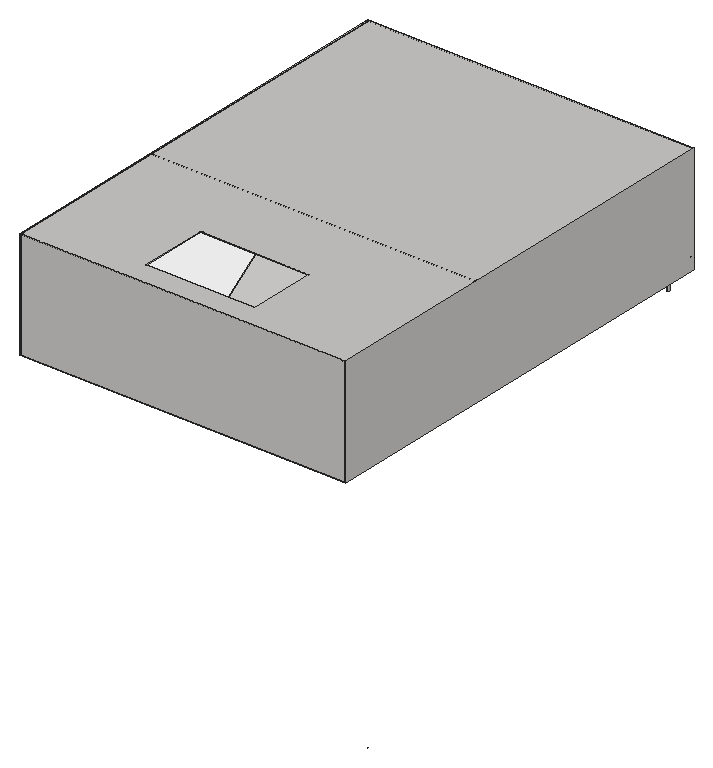
Revit family "QF_ELECTROLUXPROFESSIONAL_641233_EPF1612", category Attrezzature speciali, Revit 2021
Family settings
  Quota connettore circolare = Usa diametro
  Tipo di parte = Normale
  Basato su piano di lavoro = No
  Sempre verticale = Sì
  Taglio con vuoti quando caricato = No
  Condiviso = No
  Punto di calcolo locali = No
Parameters (values of type "Standard")
  Weight = 34.00 kg
  Watts = 0 W
  Volts = 0 V
  URL Manufacturer = "https://www.electroluxprofessional.com/"
  URL = "https://www.electroluxprofessional.com/"
  Steam Supply Size = 0 mm
  Steam Supply Minimum Pressure = 0.0 Pa
  Steam Supply Maximum Pressure = 0.0 Pa
  Steam Consumption per Hour = 0
  Refrigeration Suction Line Size = 0 mm
  Refrigeration Liquid Line Size = 0 mm
  Refrigerant Compressor Remote = yes
  Prospetto di default = 0 mm
  Produttore = "Electrolux Professional"
  Phase = 0
  Modello = "EPF1612"
  Length Actual = 1200 mm  # constant formula
  Item Number = "641233"
  Hot Water Size = 0 mm
  Height Actual = 400 mm  # constant formula
  HP = "0 HP"
  Gas Size = 0 mm
  Gas KW = 0
  Gas Input Pressure = 0 W
  Direct Waste Size = 0 mm
  Descrizione = "304 S/S WALL HOOD+FILTERS 120X160 CM"
  Depth Actual = 1600 mm  # constant formula
  Cycle = 0 Hz
  Condensate Return Size = 0 mm
  Compressed Air Volume = 0.0 L/s
  Compressed Air Size = 0 mm
  Compressed Air Pressure = 0.0 Pa
  Cold Water Size = 0 mm
  Accessory = yes
Reference planes
  plane 1: z = 0
  plane 2 "Center (Left/Right)": x = 150
  plane 3 "LEFT": x = -450
  plane 4 "RIGHT": x = 750
  plane 5 "BACK": y = 550
  plane 6 "TOP": z = 2400
  plane 7 "Base": z = 2000
  plane 8: z = 1970
  plane 9 "DrainY": y = 450
  plane 10: x = -447
  plane 11: y = -720
  plane 12: y = -970
  plane 13 "DrainX": x = 737
  plane 14 "AOLeft": x = -50
  plane 15 "AORight": x = 350
  plane 16: x = 747
  plane 17: x = -250
  plane 18: x = 550
  plane 19: through (0, -449.6, 2399.19) normal (0, -0.5736, 0.8192)
  plane 20: x = 50
  plane 21: x = 250
  plane 22 "Center (Front/Back)": y = -250
  plane 23 "Front": y = -1050
Forms (mm)
  Extrusion 1, solid, material "QF_Finishes_Stainless Steel"
    sketch origin (-450, 0, 360) x (0, 1, 0) y (0, 0, 1)
      loop
        line (550, 1640) -> (550, 2040) -> (-1050, 2040) -> (-1050, 1640) -> (550, 1640)
    from 0 to 3
  Extrusion 2, solid, material "QF_Finishes_Stainless Steel"
    sketch origin (750, 0, 360) x (0, 1, 0) y (0, 0, 1)
      loop
        line (550, 1640) -> (550, 2040) -> (-1050, 2040) -> (-1050, 1640) -> (550, 1640)
    from 0 to -3
  Extrusion 3, solid, material "QF_Finishes_Stainless Steel"
    sketch origin (150, 0, 360) x (0, 1, 0) y (0, 0, 1)
      loop
        line (-1050, 2040) -> (-1050, 1640) -> (-1040, 1640) -> (-1040, 1640.8) -> (-1049.2, 1640.8) -> (-1049.2, 2039.19) -> (549.2, 2039.19) -> (549.2, 1640.8) -> (540, 1640.8) -> (540, 1640) -> (550, 1640) -> (550, 2040) -> (-1050, 2040)
    from -600 to 600
  Extrusion 4, solid, material "QF_Finishes_Stainless Steel"
    sketch origin (0, 0, 2000) x (0, 1, 0) y (-1, 0, 0)
      loop
        circle (450, -737) r 4.763
    from -30 to 0
  Extrusion 5, void
    sketch origin (0, 0, 2400) x (0, 1, 0) y (-1, 0, 0)
      loop
        line (-720, -350) -> (-720, 50) -> (-970, 50) -> (-970, -350) -> (-720, -350)
    from 0 to -10
  Extrusion 6, solid, material "QF_Finishes_Stainless Steel"
    sketch origin (0, 0, 0) x (1, 0, 0) y (0, 1, 0)
      loop
        line (-450, 550) -> (-450, 549) -> (-449, 549) -> (-449, 550) -> (-450, 550)
    from 0 to 1
  Extrusion 7, solid, material "QF_Finishes_Stainless Steel"
    sketch origin (150, 0, 360) x (0, 1, 0) y (0, 0, 1)
      loop
        line (-531.515, 1981.832) -> (-534.381, 1985.926) -> (-973.276, 1678.608) -> (-970.553, 1674.415) -> (-531.515, 1981.832)
    from -400 to -597
  Extrusion 8, solid, material "QF_Finishes_Stainless Steel"
    sketch origin (150, 0, 360) x (0, 1, 0) y (0, 0, 1)
      loop
        line (-1050, 2039.19) -> (-1050, 1640) -> (-1019.702, 1640) -> (-970.553, 1674.415) -> (-978.723, 1686.995) -> (-979.394, 1686.559) -> (-971.645, 1674.627) -> (-1019.955, 1640.8) -> (-1049.2, 1640.8) -> (-1049.2, 2039.19) -> (-1050, 2039.19)
      loop
        line (-449.6, 2039.19) -> (-450.995, 2039.19) -> (-531.319, 1982.947) -> (-539.464, 1994.578) -> (-540.119, 1994.12) -> (-531.515, 1981.832) -> (-449.6, 2039.19)
    from -597 to 597
  Extrusion 9, solid, material "QF_Finishes_Stainless Steel"
    sketch origin (150, 0, 360) x (0, 1, 0) y (0, 0, 1)
      loop
        line (-531.515, 1981.832) -> (-534.381, 1985.926) -> (-973.276, 1678.608) -> (-970.553, 1674.415) -> (-531.515, 1981.832)
    from 597 to 400
  Extrusion 10, solid, material "QF_Finishes_Stainless Steel"
    sketch origin (150, 0, 360) x (0, 1, 0) y (0, 0, 1)
      loop
        line (-531.515, 1981.832) -> (-534.381, 1985.926) -> (-973.276, 1678.608) -> (-970.553, 1674.415) -> (-531.515, 1981.832)
    from -100 to 100
  Extrusion 11, solid, material "QF_Finished_Chrome"
    sketch origin (150, 0, 360) x (0, 1, 0) y (0, 0, 1)
      loop
        line (-531.515, 1981.832) -> (-534.381, 1985.926) -> (-973.276, 1678.608) -> (-970.553, 1674.415) -> (-531.515, 1981.832)
    from -400 to -100
  Extrusion 12, solid, material "QF_Finished_Chrome"
    sketch origin (150, 0, 360) x (0, 1, 0) y (0, 0, 1)
      loop
        line (-531.515, 1981.832) -> (-534.381, 1985.926) -> (-973.276, 1678.608) -> (-970.553, 1674.415) -> (-531.515, 1981.832)
    from 100 to 400
  Sweep 13, solid, material "QF_Finishes_Stainless Steel"
    path origin (0, 0, 0) x (1, 0, 0) y (0, 1, 0)
      loop
        line (750, 550) -> (-450, 550) -> (-450, -1050) -> (750, -1050) -> (750, 550)
    profile origin (750, -250, 0) x (1, 0, 0) y (0, 0, 1)
      loop
        line (-3, 2000) -> (-3, 2000.8) -> (-19, 2000.8) -> (-19, 2010) -> (-20, 2010) -> (-20, 2000) -> (-3, 2000)
  Extrusion 14, solid, material "QF_Finishes_Stainless Steel"
    sketch origin (150, 0, 0) x (0, 1, 0) y (0, 0, 1)
      loop
        line (108.687, 2305.487) -> (549.2, 2040.8) -> (549.2, 2041.733) -> (109.285, 2306.061) -> (-443.438, 2399.19) -> (-445.739, 2399.19) -> (108.687, 2305.487)
    from -597 to 597
Cuts and joins
  Extrusion 5 cuts Extrusion 3
  joined: Extrusion 2, Extrusion 3, Sweep 13
Lines and regions (mm)
  symbolic lines, style "SpecialityEquipment", detail levels coarse
    curve 1: line (750, 550, 2400) -> (-450, 550, 2400)
    curve 2: line (-450, 550, 2400) -> (-450, -1050.8, 2400)
    curve 3: line (750, -1050.8, 2400) -> (750, 550, 2400)
    curve 4: line (350, -970, 2400) -> (-50, -970, 2400)
    curve 5: line (350, -720, 2400) -> (350, -970, 2400)
    curve 6: line (-50, -720, 2400) -> (350, -720, 2400)
    curve 7: line (-50, -970, 2400) -> (-50, -720, 2400)
    curve 8: line (-450, 550, 0) -> (750, -1050, 0)
    curve 9: line (750, 550, 0) -> (-450, -1050, 0)
  symbolic lines, detail levels coarse
    curve 10: line (-450, -1050, 0) -> (750, -1050, 0)
    curve 11: line (-50, -720, 0) -> (-50, -970, 0)
    curve 12: line (350, -720, 0) -> (-50, -720, 0)
    curve 13: line (350, -970, 0) -> (350, -720, 0)
    curve 14: line (-50, -970, 0) -> (350, -970, 0)
Dimensions and locks
  plane 3 "LEFT" to plane 4 "RIGHT" = 1200 mm
  equal spacing: plane 3 "LEFT", plane 2 "Center (Left/Right)", plane 4 "RIGHT"
  plane 7 "Base" to plane 8 = 30 mm
  plane 5 "BACK" to plane 9 "DrainY" = 100 mm  (x2)
  plane 3 "LEFT" to plane 10 = 3 mm
  plane 13 "DrainX" to plane 4 "RIGHT" = 13 mm
  plane 16 to plane 4 "RIGHT" = 3 mm
  plane 3 "LEFT" to plane 17 = 200 mm
  plane 18 to plane 4 "RIGHT" = 200 mm
  locked: plane 14 "AOLeft" to plane 15 "AORight" at 400
  equal spacing: plane 14 "AOLeft", plane 2 "Center (Left/Right)", plane 15 "AORight"
  locked: plane 7 "Base" to level at 2000
  locked: plane 6 "TOP" to plane 7 "Base" at 400
  locked: plane 20 to plane 21 at 200
  equal spacing: plane 20, plane 2 "Center (Left/Right)", plane 21
  locked: plane 11 to plane 12 at 250
  plane 5 "BACK" to plane 23 "Front" = 1600 mm  (x2)
  equal spacing: plane 5 "BACK", plane 22 "Center (Front/Back)", plane 23 "Front"
  plane 12 to plane 23 "Front" = 80 mm
  aligned and locked: level to plane 1
  aligned and locked: plane 4 "RIGHT" to Extrusion 3
  aligned and locked: Extrusion 3 to plane 3 "LEFT"
  aligned and locked: Extrusion 5 to plane 14 "AOLeft"
  aligned and locked: Extrusion 5 to plane 12
  aligned and locked: Extrusion 5 to plane 11
  aligned and locked: Extrusion 7 to plane 10
  aligned and locked: Extrusion 7 to plane 17
  aligned and locked: Extrusion 2 to plane 16
  aligned and locked: Extrusion 5 to plane 15 "AORight"
  aligned and locked: plane 15 "AORight" to curve 5
  aligned and locked: plane 16 to Extrusion 9
  aligned and locked: plane 18 to Extrusion 9
  aligned and locked: Extrusion 10 to plane 21
  aligned and locked: Extrusion 10 to plane 20
  aligned and locked: Extrusion 11 to plane 20
  aligned and locked: plane 17 to Extrusion 11
  aligned and locked: Extrusion 12 to plane 21
  aligned and locked: Extrusion 12 to plane 18
  aligned and locked: Extrusion 14 to plane 10
  aligned and locked: plane 16 to Extrusion 14
  aligned and locked: Extrusion 8 to plane 10
  aligned and locked: Extrusion 8 to plane 16
  aligned and locked: Extrusion 1 to plane 23 "Front"
Automatic sketch dimensions
  curve 2 to plane 3 "LEFT" = 0 mm
  curve 4 to plane 12 = 0 mm
  plane 11 to curve 6 = 0 mm
  curve 2 to plane 5 "BACK" = 0 mm
  curve 4 to plane 14 "AOLeft" = 0 mm
  Extrusion 1 sketch curve to plane 7 "Base" = 0 mm
  Extrusion 1 sketch curve to plane 5 "BACK" = 0 mm
  Extrusion 1 sketch curve to plane 6 "TOP" = 0 mm
  Extrusion 2 sketch curve to plane 7 "Base" = 0 mm
  Extrusion 2 sketch curve to plane 5 "BACK" = 0 mm
  Extrusion 2 sketch curve to plane 6 "TOP" = 0 mm
  Extrusion 3 sketch curve to plane 6 "TOP" = 0 mm
  Extrusion 3 sketch curve to plane 7 "Base" = 0 mm  (x2)
  Extrusion 3 sketch curve to plane 5 "BACK" = 0 mm
  Extrusion 3 sketch curve to Extrusion 3 sketch curve = 9.2 mm
  plane 7 "Base" to Extrusion 3 sketch curve = 0.8 mm  (x2)
  Extrusion 3 sketch curve to plane 5 "BACK" = 10 mm
  Extrusion 3 sketch curve to plane 5 "BACK" = 0.8 mm
  Extrusion 3 sketch curve to plane 6 "TOP" = 0.81 mm
  Extrusion 4 sketch curve to plane 9 "DrainY" = 0 mm
  Extrusion 4 sketch curve to plane 13 "DrainX" = 0 mm
  Extrusion 5 sketch curve to plane 12 = 0 mm
  plane 11 to Extrusion 5 sketch curve = 0 mm
  Extrusion 5 sketch curve to plane 15 "AORight" = 0 mm
  Extrusion 5 sketch curve to plane 14 "AOLeft" = 0 mm
  Extrusion 6 sketch curve to plane 3 "LEFT" = 0 mm
  Extrusion 6 sketch curve to plane 5 "BACK" = 0 mm
  plane 3 "LEFT" to Extrusion 6 sketch curve = 1 mm
  Extrusion 6 sketch curve to Extrusion 6 sketch curve = 1 mm
  Extrusion 7 sketch curve to plane 19 = 0 mm  (x2)
  plane 7 "Base" to Extrusion 7 sketch curve = 34.415 mm
  Extrusion 7 sketch curve to plane 6 "TOP" = 54.074 mm
  Extrusion 8 sketch curve to plane 7 "Base" = 0 mm
  plane 19 to Extrusion 8 sketch curve = 0 mm  (x4)
  Extrusion 8 sketch curve to Extrusion 8 sketch curve = 0.252 mm
  Extrusion 8 sketch curve to Extrusion 8 sketch curve = 40.561 mm
  plane 7 "Base" to Extrusion 8 sketch curve = 46.995 mm
  Extrusion 8 sketch curve to Extrusion 8 sketch curve = 0.671 mm
  plane 7 "Base" to Extrusion 8 sketch curve = 34.627 mm
  Extrusion 8 sketch curve to Extrusion 8 sketch curve = 7.749 mm
  Extrusion 8 sketch curve to plane 6 "TOP" = 45.88 mm
  Extrusion 8 sketch curve to plane 6 "TOP" = 45.422 mm
  Extrusion 8 sketch curve to plane 6 "TOP" = 57.053 mm
  Extrusion 8 sketch curve to plane 6 "TOP" = 0.81 mm  (x2)
  plane 7 "Base" to Extrusion 8 sketch curve = 0.8 mm
  Extrusion 9 sketch curve to plane 19 = 0 mm  (x2)
  plane 7 "Base" to Extrusion 9 sketch curve = 34.415 mm
  Extrusion 9 sketch curve to plane 6 "TOP" = 54.074 mm
  Extrusion 10 sketch curve to plane 19 = 0 mm  (x2)
  plane 7 "Base" to Extrusion 10 sketch curve = 34.415 mm
  Extrusion 10 sketch curve to plane 6 "TOP" = 54.074 mm
  Extrusion 11 sketch curve to plane 19 = 0 mm  (x2)
  plane 7 "Base" to Extrusion 11 sketch curve = 34.415 mm
  Extrusion 11 sketch curve to plane 6 "TOP" = 54.074 mm
  Extrusion 12 sketch curve to plane 19 = 0 mm  (x2)
  plane 7 "Base" to Extrusion 12 sketch curve = 34.415 mm
  Extrusion 12 sketch curve to plane 6 "TOP" = 54.074 mm
  Sweep 13 sketch curve to plane 3 "LEFT" = 0 mm
  Sweep 13 sketch curve to plane 4 "RIGHT" = 0 mm
  Sweep 13 sketch curve to plane 5 "BACK" = 0 mm
  profile plane to Sweep 13 sketch curve = 20 mm
  Sweep 13 sketch curve to Sweep 13 sketch curve = 1 mm
  profile plane to Sweep 13 sketch curve = 3 mm
  level to Sweep 13 sketch curve = 2000 mm
  Sweep 13 sketch curve to Sweep 13 sketch curve = 0.8 mm
  Sweep 13 sketch curve to Sweep 13 sketch curve = 9.2 mm
  Extrusion 7 sketch curve to plane 11 = 185.619 mm
  Extrusion 8 sketch curve to Extrusion 8 sketch curve = 90.519 mm
  Extrusion 9 sketch curve to plane 11 = 185.619 mm
  Extrusion 10 sketch curve to plane 11 = 185.619 mm
  Extrusion 11 sketch curve to plane 11 = 185.619 mm
  Extrusion 12 sketch curve to plane 11 = 185.619 mm
  Extrusion 1 sketch curve to plane 12 = 80 mm
  Extrusion 2 sketch curve to plane 12 = 80 mm
  Extrusion 3 sketch curve to plane 12 = 70 mm
  Extrusion 3 sketch curve to Extrusion 3 sketch curve = 0.8 mm
  Extrusion 7 sketch curve to plane 12 = 3.276 mm
  Extrusion 8 sketch curve to plane 12 = 79.2 mm
  Extrusion 8 sketch curve to Extrusion 8 sketch curve = 0.8 mm
  Extrusion 9 sketch curve to plane 12 = 3.276 mm
  Extrusion 10 sketch curve to plane 12 = 3.276 mm
  Extrusion 11 sketch curve to plane 12 = 3.276 mm
  Extrusion 12 sketch curve to plane 12 = 3.276 mm
  Sweep 13 sketch curve to plane 12 = 80 mm
  Extrusion 14 sketch curve to plane 6 "TOP" = 0.81 mm
  Extrusion 14 sketch curve to plane 22 "Center (Front/Back)" = 195.739 mm
  Extrusion 14 sketch curve to Extrusion 14 sketch curve = 2.3 mm
  Extrusion 14 sketch curve to plane 6 "TOP" = 94.513 mm
  Extrusion 14 sketch curve to plane 9 "DrainY" = 341.313 mm
  Extrusion 14 sketch curve to plane 6 "TOP" = 93.939 mm
  Extrusion 14 sketch curve to Extrusion 14 sketch curve = 0.598 mm
  Extrusion 14 sketch curve to plane 5 "BACK" = 0.8 mm
  plane 7 "Base" to Extrusion 14 sketch curve = 40.8 mm
  Extrusion 14 sketch curve to Extrusion 14 sketch curve = 0.933 mm
  curve 3 to plane 4 "RIGHT" = 0 mm
  curve 3 to plane 23 "Front" = 0.8 mm
  curve 2 to plane 23 "Front" = 0.8 mm
  curve 10 to plane 3 "LEFT" = 0 mm
  curve 8 to plane 3 "LEFT" = 0 mm
  curve 9 to plane 4 "RIGHT" = 0 mm
  curve 10 to plane 4 "RIGHT" = 0 mm
  curve 8 to plane 23 "Front" = 0 mm
  curve 9 to plane 5 "BACK" = 0 mm
  curve 8 to plane 5 "BACK" = 0 mm
  plane 11 to curve 11 = 0 mm
  curve 11 to plane 14 "AOLeft" = 0 mm
  curve 12 to plane 15 "AORight" = 0 mm
  curve 13 to plane 12 = 0 mm
  radius of Extrusion 4 sketch curve = 4.763 mm
Connectors
  piping at (737, 450, 1970), diameter 9.5
    settings: on Extrusion 4, index 1, connector inside diameter 609.6 mm, connector length 0 mm, flow factor 0, pipe flow 0.0 L/s, pressure drop 0.0 Pa, fitting loss kfactor 0, connector angle 0.00°, fixture units 0, engagement length 0 mm, angle of deflection 0.00°, flow configuration 1, flow direction 2, fitting loss method 0, system type 16, joint type 0, gender type 0, connector reference index -1, connector utility 0, adjustable connector no, is connector primary yes, connector description "Drain"
  hvac at (150, -845, 2400)
    settings: on Extrusion 5, index 2, duct flow 0.0 L/s, flow factor 0, pres drop 0.0 Pa, loss coef 0, conn angle 0.00°, conn width 250 mm, conn height 400 mm, conn diameter 609.6 mm, duct sys type 3, conn prof type 1, flow config 1, flow direction 0, loss method 0, conn ref index -1, conn util no, is conn primary yes, conn desc "EXHAUST OUTLET"
